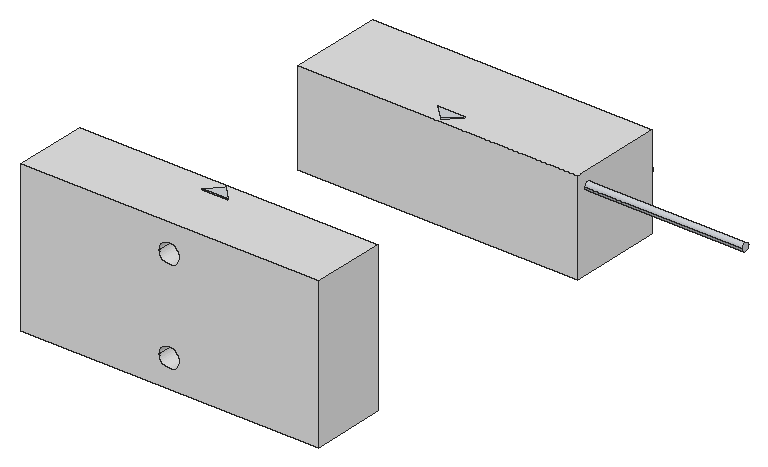
Revit family "izveshatel_io_102-26_isp_250", category Датчики, Revit 2016
Family settings
  Сохранять ориентацию аннотаций = Нет
  Тип детали = Нормальный
  Размер круглого соединителя = Использовать диаметр
  На основе рабочей плоскости = Нет
  Всегда вертикально = Да
  При загрузке вырезать с полостями = Нет
  Общий = Нет
  Точка расчета площади = Нет
Parameters (values of type "ИО 102-26 исп.250")
  Ширина магнита = 50 mm
  Смещение датчика от магнита [instance] = 140 mm
  Метизы = yes
  Watermarked By = ""
  Type Comments = "﻿﻿                           ﻿       ﻿     ﻿       ​         ​       ​   ​                  ﻿      ​ ​  ​       ​     ​ ﻿​                    ﻿     ﻿       ﻿       ﻿     ​         ﻿               ﻿﻿"
  Изготовитель = "ООО НПП \"Магнито-Контакт\""
  Длина магнита = 150 mm
  Высота магнита = 50 mm
  URL = "http://www.m-kontakt.ru/produkt/datch_dlya_magn_konstr/ayaks_vse.html"
  Keynote = "﻿﻿                           ﻿       ﻿     ﻿       ​         ​       ​   ​                  ﻿      ​ ​  ​       ​     ​ ﻿​                    ﻿     ﻿       ﻿       ﻿     ​         ﻿               ﻿﻿"
  Description = "﻿﻿                           ﻿       ﻿     ﻿       ​         ​       ​   ​                  ﻿      ​ ​  ​       ​     ​ ﻿​                    ﻿     ﻿       ﻿       ﻿     ​         ﻿               ﻿﻿"
  BL_Разработано = "support@bimlib.ru"  # constant formula
  BL_Email = "451694@bk.ru"  # constant formula
  BL_BIM library = "https://bimlib.ru/manufacturer/company/2873"
  Assembly Code = "﻿﻿                           ﻿       ﻿     ﻿       ​         ​       ​   ​                  ﻿      ​ ​  ​       ​     ​ ﻿​                    ﻿     ﻿       ﻿       ﻿     ​         ﻿               ﻿﻿"
  ADSK_Размер_Ширина = 40 mm
  ADSK_Размер_Длина = 160 mm
  ADSK_Размер_Высота = 80 mm
  ADSK_Примечание = ""
  ADSK_Позиция = ""
  ADSK_Обозначение = "исп.250"
  ADSK_Наименование = "Извещатель охранный точечный магнитоконтактный ИО102-26"  # constant formula
  ADSK_Материал = Пластик белый
  ADSK_Масса = 3
  ADSK_Код изделия = ""
  ADSK_Завод-изготовитель = "ООО НПП \"Магнито-Контакт\""
  ADSK_Единица измерения = "шт."
  ADSK_Версия Revit = "2016"  # constant formula
  ADSK_URL страницы изделия = ""
  ADSK_URL документации изделия = ""
Reference planes
  plane 1 "По центру (Вперед/Назад)": y = 0
  plane 2: z = 0
  plane 3 "По центру (Влево/Вправо)": x = 0
  plane 4: z = 80
  plane 5: y = 70
  plane 6: y = 120
  plane 7: y = -70
  plane 8: y = -110
  plane 9: x = -75
  plane 10: x = 75
  plane 11: x = -80
  plane 12: x = 80
  plane 13: z = 50
Forms (mm)
  Extrusion 1, solid, material "Пластик белый" <- "ADSK_Материал", detail levels medium+fine
    sketch origin (0, 0, 0) x (1, 0, 0) y (0, 1, 0)
      loop
        line (-80, -70) -> (-80, -110) -> (80, -110) -> (80, -70) -> (-80, -70)
    from 0 to 80
  Extrusion 2, solid, material "Пластик белый" <- "ADSK_Материал", detail levels medium+fine
    sketch origin (0, 0, 0) x (1, 0, 0) y (0, 1, 0)
      loop
        line (-75, 120) -> (-75, 70) -> (75, 70) -> (75, 120) -> (-75, 120)
    from 0 to 50
  Extrusion 3, void
    sketch origin (-72.5, 0, 10) x (-1, 0, 0) y (0, 0, -1)
      loop
        circle (-72.5, -5) r 5.5
    from 70 to 110
  Extrusion 4, solid, detail levels fine
    sketch origin (0, 82.419, 29.688) x (0, 1, 0) y (0, 0, 1)
      loop
        circle (-5.921, 12.911) r 2
    from 75 to 159.895
  Extrusion 5, solid, detail levels medium+fine
    sketch origin (0.013, 3.406, 60.428) x (1, 0, 0) y (0, 1, 0)
      loop
        line (0, -75.695) -> (-7.071, -82.766) -> (-2.071, -82.766) -> (7.071, -82.766) -> (0, -75.695)
    from 19.122 to 20.022
  Extrusion 6, solid, not visible, detail levels medium+fine
    sketch origin (0.013, 34.969, 43.75) x (1, 0, 0) y (0, 1, 0)
      loop
        line (0, -75.695) -> (-7.071, -82.766) -> (-2.071, -82.766) -> (7.071, -82.766) -> (0, -75.695)
    from 19.122 to 20.022
  Extrusion 7, solid, detail levels medium+fine
    sketch origin (0.013, 3.719, 30.428) x (1, 0, 0) y (0, 1, 0)
      loop
        line (0, 68.258) -> (7.071, 75.329) -> (-2.071, 75.329) -> (-7.071, 75.329) -> (0, 68.258)
    from 19.122 to 20.022
  Extrusion 8, solid, material "Пластик белый" <- "ADSK_Материал", visible <- "Метизы", detail levels medium+fine
    sketch origin (25.959, 55, -1.905) x (1, 0, 0) y (0, 0, 1)
      loop
        line (-41.626, 21.529) -> (-44.49, 26.489) -> (-50.217, 26.489) -> (-53.08, 21.529) -> (-50.217, 16.57) -> (-44.49, 16.57) -> (-41.626, 21.529)
      loop
        line (29.626, 21.529) -> (32.49, 16.57) -> (38.217, 16.57) -> (41.08, 21.529) -> (38.217, 26.489) -> (32.49, 26.489) -> (29.626, 21.529)
    from -66.796 to -65
  Extrusion 9, solid, material "Пластик белый" <- "ADSK_Материал", visible <- "Метизы", detail levels medium+fine
    sketch origin (25.959, 55, -1.905) x (1, 0, 0) y (0, 0, 1)
      loop
        circle (-47.251, 21.529) r 2
      loop
        circle (35.251, 21.529) r 2
    from -80.502 to -65
  Extrusion 10, solid, material "Пластик белый" <- "ADSK_Материал", visible <- "Метизы", not visible, detail levels medium+fine
    sketch origin (25.959, 45, -1.905) x (1, 0, 0) y (0, 0, 1)
      loop
        line (-41.626, 21.529) -> (-44.49, 26.489) -> (-50.217, 26.489) -> (-53.08, 21.529) -> (-50.217, 16.57) -> (-44.49, 16.57) -> (-41.626, 21.529)
      loop
        line (29.626, 21.529) -> (32.49, 16.57) -> (38.217, 16.57) -> (41.08, 21.529) -> (38.217, 26.489) -> (32.49, 26.489) -> (29.626, 21.529)
    from -66.796 to -65
  Extrusion 11, solid, material "Пластик белый" <- "ADSK_Материал", visible <- "Метизы", not visible, detail levels medium+fine
    sketch origin (25.959, 45, -1.905) x (1, 0, 0) y (0, 0, 1)
      loop
        circle (-47.251, 21.529) r 2
      loop
        circle (35.251, 21.529) r 2
    from -80.502 to -65
  Extrusion 12, void
    sketch origin (-72.5, 0, 60) x (-1, 0, 0) y (0, 0, -1)
      loop
        circle (-72.5, -5) r 5.5
    from 70 to 110
Cuts and joins
  Extrusion 3, Extrusion 12 cuts Extrusion 1
Lines and regions (mm)
  reference lines
    curve 1: line (0, -72.289, 80) -> (0, -91.098, 80)
    curve 3: line (0, 71.976, 50) -> (0, 90.786, 50)
    curve 4: line (0, 135.502, 19.625) -> (0, 109.29, 19.625)
  reference lines, not visible
    curve 2: line (0, -40.726, 63.322) -> (0, -59.536, 63.322)
    curve 5: line (0, 125.502, 19.625) -> (0, 99.29, 19.625)
Dimensions and locks
  "ADSK_Размер_Высота": level to plane 4
  equal spacing: plane 5, plane 1 "По центру (Вперед/Назад)", plane 7
  "Смещение датчика от магнита": plane 5 to plane 7
  "Ширина магнита": plane 6 to plane 5
  "ADSK_Размер_Ширина": plane 7 to plane 8
  equal spacing: plane 11, plane 3 "По центру (Влево/Вправо)", plane 12
  "ADSK_Размер_Длина": plane 11 to plane 12
  equal spacing: plane 9, plane 3 "По центру (Влево/Вправо)", plane 10
  "Длина магнита": plane 9 to plane 10
  "Высота магнита": plane 13 to level
  Extrusion 3 sketch curve to level = 15 mm
  plane 12 to Extrusion 3 sketch curve = 80 mm
  locked: Extrusion 4 sketch curve to plane 5 at 6.498
  Extrusion 4 sketch curve to level = 42.598 mm
  locked: Extrusion 7 to plane 5 at 1.976
  locked: plane 7 to Extrusion 5 at 2.289
  locked: curve 4 to level at 19.625
  aligned and locked: level to plane 2
  aligned and locked: Extrusion 1 sketch curve to plane 7
  aligned and locked: plane 11 to Extrusion 1 sketch curve
  aligned and locked: plane 8 to Extrusion 1 sketch curve
  aligned and locked: Extrusion 1 sketch curve to plane 12
  aligned and locked: Extrusion 2 sketch curve to plane 6
  aligned and locked: Extrusion 2 sketch curve to plane 9
  aligned and locked: plane 5 to Extrusion 2 sketch curve
  aligned and locked: plane 10 to Extrusion 2 sketch curve
  aligned and locked: plane 13 to Extrusion 2
  aligned and locked: plane 4 to Extrusion 1
  aligned and locked: plane 7 to Extrusion 3
  aligned and locked: Extrusion 3 to plane 8
  aligned and locked: plane 10 to Extrusion 4
  aligned and locked: curve 1 to plane 4
  aligned and locked: plane 13 to curve 3
  aligned and locked: Extrusion 8 to plane 6
  aligned and locked: Extrusion 9 to plane 6
  aligned and locked: Extrusion 1 to Extrusion 3  (x2)
  aligned and locked: Extrusion 1 to Extrusion 12  (x2)
Automatic sketch dimensions
  curve 1 to curve 1 = 18.81 mm
  curve 2 to curve 2 = 18.81 mm
  curve 3 to curve 3 = 18.81 mm
  Extrusion 7 sketch curve to Extrusion 7 sketch curve = 7.071 mm  (x2)
  Extrusion 7 sketch curve to Extrusion 7 sketch curve = 5 mm
  Extrusion 5 sketch curve to Extrusion 5 sketch curve = 7.071 mm  (x2)
  Extrusion 5 sketch curve to Extrusion 5 sketch curve = 5 mm
  Extrusion 6 sketch curve to Extrusion 6 sketch curve = 7.071 mm  (x2)
  Extrusion 6 sketch curve to Extrusion 6 sketch curve = 5 mm
  Extrusion 8 sketch curve to Extrusion 8 sketch curve = 2.864 mm  (x6)
  Extrusion 8 sketch curve to Extrusion 8 sketch curve = 5.727 mm  (x4)
  Extrusion 8 sketch curve to Extrusion 8 sketch curve = 71.252 mm
  Extrusion 8 sketch curve to Extrusion 8 sketch curve = 4.96 mm  (x7)
  Extrusion 9 sketch curve to Extrusion 9 sketch curve = 82.502 mm
  Extrusion 9 sketch curve to Extrusion 9 sketch curve = 0 mm
  Extrusion 10 sketch curve to Extrusion 10 sketch curve = 2.864 mm  (x6)
  Extrusion 10 sketch curve to Extrusion 10 sketch curve = 5.727 mm  (x4)
  Extrusion 10 sketch curve to Extrusion 10 sketch curve = 71.252 mm
  Extrusion 10 sketch curve to Extrusion 10 sketch curve = 4.96 mm  (x7)
  Extrusion 11 sketch curve to Extrusion 11 sketch curve = 82.502 mm
  Extrusion 11 sketch curve to Extrusion 11 sketch curve = 0 mm
  curve 4 to curve 4 = 26.212 mm
  curve 5 to curve 5 = 26.212 mm
  Extrusion 12 sketch curve to plane 3 "По центру (Влево/Вправо)" = 0 mm
  plane 4 to Extrusion 12 sketch curve = 15 mm
  radius of Extrusion 9 sketch curve = 2 mm  (x2)
  radius of Extrusion 11 sketch curve = 2 mm  (x2)
  radius of Extrusion 3 sketch curve = 5.5 mm
  radius of Extrusion 4 sketch curve = 2 mm
  radius of Extrusion 12 sketch curve = 5.5 mm
Nested families
  nested 1: "уго_извещатель" at (0, 0, 0), type "уго_извещатель", detail levels coarse
Connectors
  electrical at (0, 0, 0)
    settings: index 1, voltage 0 V, apparent load 0 VA, apparent load phase1 0 VA, apparent load phase2 0 VA, apparent load phase3 0 VA, power factor 1, load classification "Прочее", number of poles 1, system type 10, power factor state 1, is connector primary yes, connector utility no, sub classification motor no, connector description ""
Definition of nested family "уго_извещатель"
  Parameters (values of type "уго_извещатель")
    Watermarked By = ""
  Reference planes
    plane 1: y = 0
    plane 2: x = 0
  Lines and regions (mm)
    Filled region 1, type "Цветовая область 1"
      outline origin (0, 0, 0) x (1, 0, 0) y (0, 1, 0)
        loop
          line (-2.5, 2.5) -> (-2.5, 0.9) -> (2.5, 0.9) -> (2.5, 2.5) -> (-2.5, 2.5)
    Filled region 2, type "Цветовая область 1"
      outline origin (0, 0, 0) x (1, 0, 0) y (0, 1, 0)
        loop
          line (-2.5, -0.9) -> (-2.5, -2.5) -> (2.5, -2.5) -> (2.5, -0.9) -> (-2.5, -0.9)
    detail lines
      curve 1: line (-2.5, 2.5, 0) -> (2.5, 2.5, 0)
      curve 2: line (-2.5, -2.5, 0) -> (-2.5, 2.5, 0)
      curve 3: line (2.5, -2.5, 0) -> (-2.5, -2.5, 0)
      curve 4: line (2.5, 2.5, 0) -> (2.5, -2.5, 0)
      curve 5: line (-2.5, 0.9, 0) -> (2.5, 0.9, 0)
      curve 6: line (-2.5, -0.9, 0) -> (2.5, -0.9, 0)
